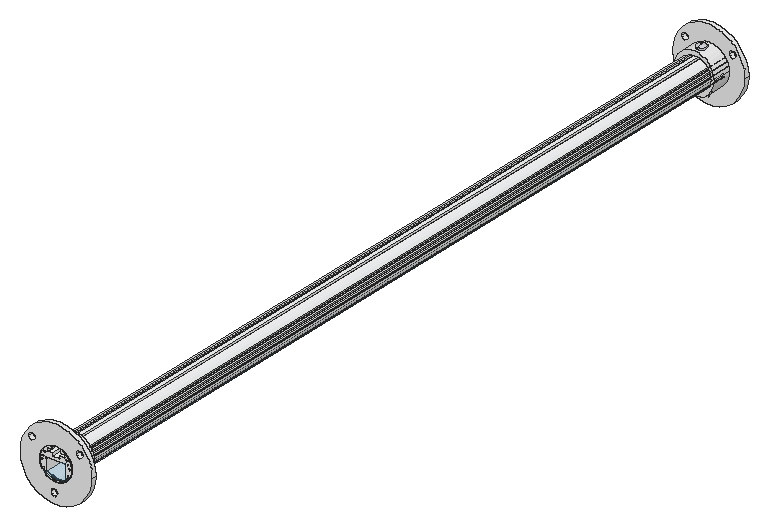
Revit family "LLED-RPM-4RF", category Lighting Fixtures, Revit 2017
Family settings
  Round Connector Dimension = Use Diameter
  Part Type = Normal
  OmniClass Number = 23.80.70.00
  OmniClass Title = Lighting
  Work Plane-Based = No
  Always vertical = Yes
  Cut with Voids When Loaded = No
  Light Source = Yes
  Shared = No
  Room Calculation Point = No
Parameters (values of type "LLED-RPM")
  Wattage = 9.2903 W
  built-in parameter 1150110 = 1 (stored number, unit not read)
  built-in parameter 1114217 = 1 (stored number, unit not read)
  Tilt Angle = 60.00°
  built-in parameter 1150109 = 1 (stored number, unit not read)
  built-in parameter 1150134 = 3
  built-in parameter 1150113 = 1 (stored number, unit not read)
  Photometric Web File = "generic"
  built-in parameter 1150142 = (empty or 0)
  built-in parameter 1150105 = 109.82 (stored number, unit not read)
  Lumens = 1380 lm
  built-in parameter 1150115 = 1 (stored number, unit not read)
  built-in parameter 1150137 = (empty or 0)
  built-in parameter 1150139 = (empty or 0)
  Length = 24.00"
  built-in parameter 1150112 = 1 (stored number, unit not read)
  built-in parameter 1150114 = 1 (stored number, unit not read)
  built-in parameter 1150132 = (empty or 0)
  built-in parameter 1150102 = (empty or 0)
  built-in parameter 1150107 = 3200 (stored number, unit not read)
  built-in parameter 1150138 = (empty or 0)
  built-in parameter 1150106 = 1.0982 (stored number, unit not read)
  Fixture Cap = Fixture Cap
  Fixture = Fixture
  Emit from Line Length = Length  # 24.00"
  built-in parameter 1150104 = 13.8 (stored number, unit not read)
  Dimming Lamp Color Temperature Shift = <None>
  Color Filter = 16777215
  built-in parameter 1114218 = 1 (stored number, unit not read)
  built-in parameter 1150133 = 10 (stored number, unit not read)
Reference planes (in)
  plane 1 "Light Source Axis (F/B)": y = 0
  plane 2: z = 0
  plane 3 "Light Source Axis (L/R)": x = 0
  plane 4 "Light Source Elevation": z = 76
  plane 5: y = 12
  plane 6: y = -12
  plane 7: y = 11.63
  plane 8: y = -11.58
  plane 9: y = -11.35
  plane 10: y = 11.35
  plane 11: y = -11.88
  plane 12: y = 11.88
Forms (in)
  Extrusion 1, solid, material "Fixture" <- "Fixture"
    sketch origin (-0.45172, 0, -75.06115) x (1, 0, 0) y (0, 0, 1)
      loop
        arc (1.35899, 76.5286) -> (1.35168, 76.54256) -> (1.33604, 76.54449) r 0.01698
        arc (1.33604, 76.54449) -> (1.21977, 76.48057) -> (1.12628, 76.38642) r 0.465
        arc (1.12628, 76.38642) -> (1.12301, 76.36779) -> (1.13599, 76.35404) r 0.02108
        line (1.13599, 76.35404) -> (1.21236, 76.32625) -> (1.19992, 76.29208) -> (1.11084, 76.3245)
        arc (1.11084, 76.3245) -> (1.09386, 76.3242) -> (1.08146, 76.31261) r 0.02367
        arc (1.08146, 76.31261) -> (1.07333, 76.29496) -> (1.06594, 76.27699) r 0.465
        arc (1.06594, 76.27699) -> (1.06642, 76.2616) -> (1.07782, 76.25123) r 0.01975
        line (1.07782, 76.25123) -> (1.17241, 76.21621) -> (1.15998, 76.18263) -> (1.06863, 76.21646)
        arc (1.06863, 76.21646) -> (1.05326, 76.21528) -> (1.04414, 76.20287) r 0.01845
        arc (1.04414, 76.20287) -> (1.04052, 76.18308) -> (1.03775, 76.16315) r 0.465
        arc (1.03775, 76.16315) -> (1.04164, 76.14728) -> (1.05495, 76.13782) r 0.02341
        line (1.05495, 76.13782) -> (1.13588, 76.11614) -> (1.12292, 76.08053) -> (1.03465, 76.1037)
        arc (1.03465, 76.1037) -> (1.04893, 75.99472) -> (1.08839, 75.89215) r 0.465
        line (1.08839, 75.89215) -> (1.17659, 75.94307) -> (1.17659, 75.89545)
        arc (1.17659, 75.89545) -> (1.15888, 75.87236) -> (1.16994, 75.84545) r 0.02917
        line (1.16994, 75.84545) -> (1.23676, 75.84545) -> (1.23676, 76.16053)
        arc (1.23676, 76.16053) -> (1.22004, 76.16342) -> (1.20883, 76.17616) r 0.02552
        arc (1.20883, 76.17616) -> (1.2104, 76.19845) -> (1.22892, 76.21096) r 0.02552
        line (1.22892, 76.21096) -> (1.5044, 76.21096) -> (1.77989, 76.21096)
        arc (1.77989, 76.21096) -> (1.79841, 76.19845) -> (1.79998, 76.17616) r 0.02552
        arc (1.79998, 76.17616) -> (1.78877, 76.16342) -> (1.77205, 76.16053) r 0.02552
        line (1.77205, 76.16053) -> (1.77205, 75.85131) -> (1.83496, 75.85131)
        arc (1.83496, 75.85131) -> (1.84623, 75.87604) -> (1.83222, 75.89932) r 0.02917
        line (1.83222, 75.89932) -> (1.83222, 75.94307) -> (1.91306, 75.8964)
        arc (1.91306, 75.8964) -> (1.95058, 75.99582) -> (1.96455, 76.10117) r 0.465
        line (1.96455, 76.10117) -> (1.88589, 76.08053) -> (1.87206, 76.11852) -> (1.9443, 76.13787)
        arc (1.9443, 76.13787) -> (1.95759, 76.14733) -> (1.96147, 76.16317) r 0.02338
        arc (1.96147, 76.16317) -> (1.95829, 76.18567) -> (1.95401, 76.20798) r 0.465
        arc (1.95401, 76.20798) -> (1.94477, 76.22037) -> (1.92937, 76.22156) r 0.01868
        line (1.92937, 76.22156) -> (1.84544, 76.19101) -> (1.83475, 76.22038) -> (1.92137, 76.2519)
        arc (1.92137, 76.2519) -> (1.93261, 76.26232) -> (1.93304, 76.27765) r 0.01978
        arc (1.93304, 76.27765) -> (1.92628, 76.29409) -> (1.9189, 76.31027) r 0.465
        arc (1.9189, 76.31027) -> (1.90698, 76.3215) -> (1.8906, 76.32181) r 0.02276
        line (1.8906, 76.32181) -> (1.80889, 76.29207) -> (1.79617, 76.32703) -> (1.86989, 76.35386)
        arc (1.86989, 76.35386) -> (1.88029, 76.36477) -> (1.87789, 76.37965) r 0.01695
        arc (1.87789, 76.37965) -> (1.78702, 76.47476) -> (1.67315, 76.54062) r 0.465
        arc (1.67315, 76.54062) -> (1.6573, 76.53893) -> (1.64982, 76.52486) r 0.01699
        line (1.64982, 76.52486) -> (1.64982, 76.46394)
        arc (1.64982, 76.46394) -> (1.65559, 76.44999) -> (1.66954, 76.44422) r 0.01972
        line (1.66954, 76.44422) -> (1.74857, 76.44422) -> (1.74857, 76.37688) -> (1.61857, 76.37688) -> (1.61857, 76.3003) -> (1.39024, 76.3003) -> (1.39024, 76.37688) -> (1.26024, 76.37688) -> (1.26024, 76.44422) -> (1.33927, 76.44422)
        arc (1.33927, 76.44422) -> (1.35322, 76.44999) -> (1.35899, 76.46394) r 0.01972
        line (1.35899, 76.46394) -> (1.35899, 76.5286)
    from -12 to 12
  Extrusion 2, solid, material "Fixture Cap" <- "Fixture Cap"
    sketch origin (-0.45562, -0.17192, -75.401) x (1, 0, 0) y (0, 0, -1)
      loop
        circle (1.5044, -76.44721) r 1.05
      loop
        circle (1.46632, -75.69955) r 0.1
      loop
        circle (0.81213, -76.94226) r 0.1
      loop
        circle (2.21213, -76.94226) r 0.1
      loop
        circle (1.5044, -76.44721) r 0.485
    from 12.17192 to 12.05192
  Extrusion 3, solid, material "Fixture Cap" <- "Fixture Cap"
    sketch origin (-0.45562, -0.53262, -75.39867) x (1, 0, 0) y (0, 0, -1)
      loop
        circle (1.5044, -76.44721) r 0.585
      loop
        circle (1.5044, -76.44721) r 0.465
    from 11.88262 to 12.41262
  Extrusion 4, solid, material "Fixture Cap" <- "Fixture Cap"
    sketch origin (-0.45562, 0.17192, -75.401) x (1, 0, 0) y (0, 0, 1)
      loop
        circle (1.5044, 76.44721) r 1.05
      loop
        circle (1.46632, 75.69955) r 0.1
      loop
        circle (0.81213, 76.94226) r 0.1
      loop
        circle (2.21213, 76.94226) r 0.1
      loop
        circle (1.5044, 76.44721) r 0.485
    from 12.17192 to 12.05192
  Extrusion 5, solid, material "Fixture Cap" <- "Fixture Cap"
    sketch origin (-0.45562, 0.53262, -75.39867) x (1, 0, 0) y (0, 0, 1)
      loop
        circle (1.5044, 76.44721) r 0.465
      loop
        circle (1.50478, 76.44705) r 0.585
    from 11.88262 to 12.41262
  Extrusion 6, solid, material "Glass"
    sketch origin (-0.47741, 0, -75.3063) x (1, 0, 0) y (0, 0, 1)
      loop
        line (1.93841, 76.13965) -> (1.88495, 76.17052)
        arc (1.88495, 76.17052) -> (1.87005, 76.16931) -> (1.8659, 76.15495) r 0.01316
        line (1.8659, 76.15495) -> (1.87854, 76.11719)
        arc (1.87854, 76.11719) -> (1.5311, 75.92987) -> (1.17943, 76.10911) r 0.425
        line (1.17943, 76.10911) -> (1.1938, 76.1528)
        arc (1.1938, 76.1528) -> (1.18928, 76.16822) -> (1.17326, 76.1695) r 0.01417
        line (1.17326, 76.1695) -> (1.11575, 76.13629)
        arc (1.11575, 76.13629) -> (1.52809, 75.88984) -> (1.93841, 76.13965) r 0.465
    from -12 to 12
  Revolve 7, solid
    sketch origin (1.05837, -0.09861, -0.00195) x (0, 1, 0) y (0, 0, 1)
      loop
        line (11.82824, 1.63097) -> (11.82824, 1.66311)
        arc (11.82824, 1.66311) -> (11.7815, 1.68969) -> (11.72861, 1.69937) r 0.16062
        line (11.72861, 1.69937) -> (11.72861, 1.66311) -> (11.69615, 1.66311) -> (11.69615, 1.63097) -> (11.82824, 1.63097)
      axis (11.69615, 1.63097) -> (11.69615, 1.69937)
    angle from 0 to 360
  Revolve 8, solid, not visible
    sketch origin (0, 0.0293, -0.00195) x (0, 1, 0) y (0, 0, 1)
      loop
        line (11.82824, 1.63097) -> (11.82824, 1.66311)
        arc (11.82824, 1.66311) -> (11.7815, 1.68969) -> (11.72861, 1.69937) r 0.16062
        line (11.72861, 1.69937) -> (11.72861, 1.66311) -> (11.69615, 1.66311) -> (11.69615, 1.63097) -> (11.82824, 1.63097)
      axis (11.69615, 1.63097) -> (11.69615, 1.69937)
    angle from 0 to 360
  Revolve 9, solid
    sketch origin (1.05837, -0.08368, 0.00007) x (0, 1, 0) y (0, 0, 1)
      loop
        line (-11.66088, 1.63097) -> (-11.52879, 1.63097) -> (-11.52879, 1.66311) -> (-11.56125, 1.66311) -> (-11.56125, 1.69937)
        arc (-11.56125, 1.69937) -> (-11.61414, 1.68969) -> (-11.66088, 1.66311) r 0.16062
        line (-11.66088, 1.66311) -> (-11.66088, 1.63097)
      axis (-11.52879, 1.63097) -> (-11.52879, 1.69937)
    angle from 0 to 360
Dimensions and locks (in)
  equal spacing: plane 5, plane 1 "Light Source Axis (F/B)", plane 6
  "Length": plane 5 to plane 6
  locked: plane 11 to plane 6 at 0.12
  locked: plane 8 to plane 6 at 0.42
  locked: plane 9 to plane 6 at 0.65
  locked: plane 5 to plane 12 at 0.12
  locked: plane 5 to plane 10 at 0.65
  locked: plane 5 to plane 7 at 0.37
  diameter of Extrusion 4 = 2.10"
  diameter of Extrusion 4 = 0.97"
  aligned and locked: level to plane 2
  aligned and locked: plane 7 to Revolve 7
  aligned and locked: plane 8 to Revolve 9
  aligned and locked: plane 6 to Extrusion 4
  aligned and locked: plane 11 to Extrusion 4
  aligned and locked: Extrusion 5 to plane 11
  aligned and locked: plane 9 to Extrusion 5
  aligned and locked: Extrusion 6 to plane 6
  aligned and locked: Extrusion 1 to plane 6
  aligned and locked: plane 5 to Extrusion 1
  aligned and locked: plane 5 to Extrusion 6
  aligned and locked: Extrusion 2 to plane 5
  aligned and locked: plane 12 to Extrusion 2
  aligned and locked: Extrusion 3 to plane 12
  aligned and locked: Extrusion 3 to plane 10
Automatic sketch dimensions
  Extrusion 2 sketch curve to Extrusion 2 sketch curve = 0.00"  (x2)
  plane 3 "Light Source Axis (L/R)" to Extrusion 2 sketch curve = 0.35651"
  level to Extrusion 2 sketch curve = 0.29855"
  plane 3 "Light Source Axis (L/R)" to Extrusion 2 sketch curve = 1.01069"
  Extrusion 2 sketch curve to Extrusion 2 sketch curve = 0.03809"
  Extrusion 2 sketch curve to Extrusion 2 sketch curve = 0.70773"
  Extrusion 2 sketch curve to Extrusion 2 sketch curve = 0.74765"
  Extrusion 2 sketch curve to Extrusion 2 sketch curve = 0.49505"  (x2)
  Extrusion 3 sketch curve to Extrusion 3 sketch curve = 0.00"  (x2)
  plane 3 "Light Source Axis (L/R)" to Extrusion 3 sketch curve = 1.04878"
  level to Extrusion 3 sketch curve = 1.04854"
  Extrusion 4 sketch curve to Extrusion 4 sketch curve = 0.00"  (x2)
  plane 3 "Light Source Axis (L/R)" to Extrusion 4 sketch curve = 0.35651"
  level to Extrusion 4 sketch curve = 0.29855"
  plane 3 "Light Source Axis (L/R)" to Extrusion 4 sketch curve = 1.01069"
  Extrusion 4 sketch curve to Extrusion 4 sketch curve = 0.03809"
  Extrusion 4 sketch curve to Extrusion 4 sketch curve = 0.70773"
  Extrusion 4 sketch curve to Extrusion 4 sketch curve = 0.74765"
  Extrusion 4 sketch curve to Extrusion 4 sketch curve = 0.49505"  (x2)
  Revolve 7 sketch curve to Revolve 7 sketch curve = 0.03042"
  Revolve 7 sketch curve to Revolve 7 sketch curve = 0.03247"
  Revolve 7 sketch curve to Revolve 7 sketch curve = 0.09963"
  Revolve 7 sketch curve to Revolve 7 sketch curve = 0.09222"
  Revolve 7 sketch curve to Revolve 7 sketch curve = 0.03213"
  Revolve 7 sketch curve to Revolve 7 sketch curve = 0.00"
  Revolve 7 sketch curve to Revolve 7 sketch curve = 0.01607"  (x2)
  Revolve 7 sketch curve to Revolve 7 sketch curve = 0.03036"
  Revolve 8 sketch curve to Revolve 8 sketch curve = 0.03042"
  Revolve 8 sketch curve to Revolve 8 sketch curve = 0.03247"
  Revolve 8 sketch curve to Revolve 8 sketch curve = 0.09963"
  Revolve 8 sketch curve to Revolve 8 sketch curve = 0.09222"
  Revolve 8 sketch curve to Revolve 8 sketch curve = 0.03213"
  Revolve 8 sketch curve to Revolve 8 sketch curve = 0.00"
  Revolve 8 sketch curve to Revolve 8 sketch curve = 0.01607"  (x2)
  Revolve 8 sketch curve to Revolve 8 sketch curve = 0.03036"
  Revolve 9 sketch curve to Revolve 9 sketch curve = 0.03042"
  Revolve 9 sketch curve to Revolve 9 sketch curve = 0.03247"
  Revolve 9 sketch curve to Revolve 9 sketch curve = 0.09963"
  Revolve 9 sketch curve to Revolve 9 sketch curve = 0.09222"
  Revolve 9 sketch curve to Revolve 9 sketch curve = 0.03213"
  Revolve 9 sketch curve to Revolve 9 sketch curve = 0.00"
  Revolve 9 sketch curve to Revolve 9 sketch curve = 0.01607"  (x2)
  Revolve 9 sketch curve to Revolve 9 sketch curve = 0.03036"
  plane 3 "Light Source Axis (L/R)" to Extrusion 5 sketch curve = 1.04878"
  Extrusion 5 sketch curve to Extrusion 5 sketch curve = 0.00038"
  level to Extrusion 5 sketch curve = 1.04839"
  Extrusion 5 sketch curve to Extrusion 5 sketch curve = 0.00015"
  Extrusion 1 sketch curve to Extrusion 1 sketch curve = 0.00"  (x36)
  plane 3 "Light Source Axis (L/R)" to Extrusion 1 sketch curve = 0.58293"
  Extrusion 1 sketch curve to Extrusion 1 sketch curve = 0.0203"
  Extrusion 1 sketch curve to Extrusion 1 sketch curve = 0.00606"
  Extrusion 1 sketch curve to Extrusion 1 sketch curve = 0.00121"
  Extrusion 1 sketch curve to Extrusion 1 sketch curve = 0.00641"
  Extrusion 1 sketch curve to Extrusion 1 sketch curve = 0.00919"
  Extrusion 1 sketch curve to Extrusion 1 sketch curve = 0.00655"
  Extrusion 1 sketch curve to Extrusion 1 sketch curve = 0.05374"
  Extrusion 1 sketch curve to Extrusion 1 sketch curve = 0.01838"
  Extrusion 1 sketch curve to Extrusion 1 sketch curve = 0.00809"
  Extrusion 1 sketch curve to Extrusion 1 sketch curve = 0.06797"
  Extrusion 1 sketch curve to Extrusion 1 sketch curve = 0.01296"
  Extrusion 1 sketch curve to Extrusion 1 sketch curve = 0.02516"  (x2)
  Extrusion 1 sketch curve to Extrusion 1 sketch curve = 0.00721"
  Extrusion 1 sketch curve to Extrusion 1 sketch curve = 0.0241"
  Extrusion 1 sketch curve to Extrusion 1 sketch curve = 0.01243"
  Extrusion 1 sketch curve to Extrusion 1 sketch curve = 0.08155"
  Extrusion 1 sketch curve to Extrusion 1 sketch curve = 0.0882"
  Extrusion 1 sketch curve to Extrusion 1 sketch curve = 0.01121"
  Extrusion 1 sketch curve to Extrusion 1 sketch curve = 0.02751"
  Extrusion 1 sketch curve to Extrusion 1 sketch curve = 0.01244"
  Extrusion 1 sketch curve to Extrusion 1 sketch curve = 0.05651"
  Extrusion 1 sketch curve to Extrusion 1 sketch curve = 0.00358"  (x2)
  Extrusion 1 sketch curve to Extrusion 1 sketch curve = 0.04896"
  Extrusion 1 sketch curve to Extrusion 1 sketch curve = 0.04788"
  Extrusion 1 sketch curve to Extrusion 1 sketch curve = 0.07903"  (x2)
  Extrusion 1 sketch curve to Extrusion 1 sketch curve = 0.00274"
  Extrusion 1 sketch curve to Extrusion 1 sketch curve = 0.01972"  (x2)
  Extrusion 1 sketch curve to Extrusion 1 sketch curve = 0.13"
  Extrusion 1 sketch curve to Extrusion 1 sketch curve = 0.10937"
  Extrusion 1 sketch curve to Extrusion 1 sketch curve = 0.00479"
  Extrusion 1 sketch curve to Extrusion 1 sketch curve = 0.11416"
  Extrusion 1 sketch curve to Extrusion 1 sketch curve = 0.03125"
  Extrusion 1 sketch curve to Extrusion 1 sketch curve = 0.01699"
  Extrusion 1 sketch curve to Extrusion 1 sketch curve = 0.27244"
  Extrusion 1 sketch curve to Extrusion 1 sketch curve = 0.00426"
  Extrusion 1 sketch curve to Extrusion 1 sketch curve = 0.0476"
  level to Extrusion 1 sketch curve = 1.23092"
  Extrusion 1 sketch curve to Extrusion 1 sketch curve = 0.01272"
  Extrusion 1 sketch curve to Extrusion 1 sketch curve = 0.04505"
  Extrusion 1 sketch curve to Extrusion 1 sketch curve = 0.01511"
  Extrusion 1 sketch curve to Extrusion 1 sketch curve = 0.05486"
  Extrusion 1 sketch curve to Extrusion 1 sketch curve = 0.01786"
  level to Extrusion 1 sketch curve = 1.12986"
  Extrusion 1 sketch curve to Extrusion 1 sketch curve = 0.01069"
  Extrusion 1 sketch curve to Extrusion 1 sketch curve = 0.06793"
  Extrusion 1 sketch curve to Extrusion 1 sketch curve = 0.0058"
  Extrusion 1 sketch curve to Extrusion 1 sketch curve = 0.02663"
  Extrusion 1 sketch curve to Extrusion 1 sketch curve = 0.01383"
  Extrusion 1 sketch curve to Extrusion 1 sketch curve = 0.02071"
  Extrusion 1 sketch curve to Extrusion 1 sketch curve = 0.00778"
  level to Extrusion 1 sketch curve = 0.83524"
  Extrusion 1 sketch curve to Extrusion 1 sketch curve = 0.08084"
  Extrusion 1 sketch curve to Extrusion 1 sketch curve = 0.01622"
  level to Extrusion 1 sketch curve = 1.19075"
  Extrusion 1 sketch curve to Extrusion 1 sketch curve = 0.00676"
  level to Extrusion 1 sketch curve = 1.16041"
  Extrusion 1 sketch curve to Extrusion 1 sketch curve = 0.00639"
  Extrusion 1 sketch curve to Extrusion 1 sketch curve = 0.00249"
  level to Extrusion 1 sketch curve = 1.07672"
  Extrusion 1 sketch curve to Extrusion 1 sketch curve = 0.00605"
  level to Extrusion 1 sketch curve = 1.04002"
  Extrusion 1 sketch curve to Extrusion 1 sketch curve = 0.02025"
  Extrusion 1 sketch curve to Extrusion 1 sketch curve = 0.21706"
  Extrusion 1 sketch curve to Extrusion 1 sketch curve = 0.00293"
  Extrusion 1 sketch curve to Extrusion 1 sketch curve = 0.0033"
  Extrusion 1 sketch curve to Extrusion 1 sketch curve = 0.02693"
  Extrusion 1 sketch curve to Extrusion 1 sketch curve = 0.02495"
  Extrusion 1 sketch curve to Extrusion 1 sketch curve = 0.04375"
  Extrusion 1 sketch curve to Extrusion 1 sketch curve = 0.04762"
  Extrusion 1 sketch curve to Extrusion 1 sketch curve = 0.02316"
  Extrusion 1 sketch curve to Extrusion 1 sketch curve = 0.02064"
  Extrusion 1 sketch curve to Extrusion 1 sketch curve = 0.03561"
  Extrusion 1 sketch curve to Extrusion 1 sketch curve = 0.03799"
  Extrusion 1 sketch curve to Extrusion 1 sketch curve = 0.03412"
  Extrusion 1 sketch curve to Extrusion 1 sketch curve = 0.02261"
  Extrusion 1 sketch curve to Extrusion 1 sketch curve = 0.02259"
  Extrusion 1 sketch curve to Extrusion 1 sketch curve = 0.03048"
  Extrusion 1 sketch curve to Extrusion 1 sketch curve = 0.0444"
  Extrusion 1 sketch curve to Extrusion 1 sketch curve = 0.0665"
  Extrusion 1 sketch curve to Extrusion 1 sketch curve = 0.03872"
  Extrusion 1 sketch curve to Extrusion 1 sketch curve = 0.01755"
  Extrusion 1 sketch curve to Extrusion 1 sketch curve = 0.03357"
  Extrusion 1 sketch curve to Extrusion 1 sketch curve = 0.01864"
  Extrusion 1 sketch curve to Extrusion 1 sketch curve = 0.01858"
  Extrusion 1 sketch curve to Extrusion 1 sketch curve = 0.07587"
  Extrusion 1 sketch curve to Extrusion 1 sketch curve = 0.08935"
  Extrusion 1 sketch curve to Extrusion 1 sketch curve = 0.02994"
  Extrusion 1 sketch curve to Extrusion 1 sketch curve = 0.03239"
  Extrusion 1 sketch curve to Extrusion 1 sketch curve = 0.02138"
  Extrusion 1 sketch curve to Extrusion 1 sketch curve = 0.02224"
  Extrusion 1 sketch curve to Extrusion 1 sketch curve = 0.01593"
  Extrusion 1 sketch curve to Extrusion 1 sketch curve = 0.01981"
  Extrusion 1 sketch curve to Extrusion 1 sketch curve = 0.07658"
  Extrusion 1 sketch curve to Extrusion 1 sketch curve = 0.05063"
  Extrusion 1 sketch curve to Extrusion 1 sketch curve = 0.06734"  (x2)
  Extrusion 1 sketch curve to Extrusion 1 sketch curve = 0.06092"
  Extrusion 1 sketch curve to Extrusion 1 sketch curve = 0.06466"
  Extrusion 1 sketch curve to Extrusion 1 sketch curve = 0.02367"  (x2)
  Extrusion 6 sketch curve to Extrusion 6 sketch curve = 0.00"  (x2)
  plane 3 "Light Source Axis (L/R)" to Extrusion 6 sketch curve = 0.63833"
  Extrusion 6 sketch curve to Extrusion 6 sketch curve = 0.05751"
  Extrusion 6 sketch curve to Extrusion 6 sketch curve = 0.00617"
  Extrusion 6 sketch curve to Extrusion 6 sketch curve = 0.00708"
  Extrusion 6 sketch curve to Extrusion 6 sketch curve = 0.01346"
  Extrusion 6 sketch curve to Extrusion 6 sketch curve = 0.33239"
  Extrusion 6 sketch curve to Extrusion 6 sketch curve = 0.3397"
  Extrusion 6 sketch curve to Extrusion 6 sketch curve = 0.01248"
  level to Extrusion 6 sketch curve = 0.81089"
  Extrusion 6 sketch curve to Extrusion 6 sketch curve = 0.01264"
  level to Extrusion 6 sketch curve = 0.86422"
  Extrusion 6 sketch curve to Extrusion 6 sketch curve = 0.00658"
  level to Extrusion 6 sketch curve = 0.83336"
  Extrusion 6 sketch curve to Extrusion 6 sketch curve = 0.05346"
  Extrusion 6 sketch curve to Extrusion 6 sketch curve = 0.00808"
  Extrusion 6 sketch curve to Extrusion 6 sketch curve = 0.04369"
  Extrusion 6 sketch curve to Extrusion 6 sketch curve = 0.01557"
  Extrusion 6 sketch curve to Extrusion 6 sketch curve = 0.00443"
  radius of Extrusion 2 sketch curve = 1.05"
  radius of Extrusion 2 sketch curve = 0.10"  (x3)
  radius of Extrusion 2 sketch curve = 0.485"
  radius of Extrusion 3 sketch curve = 0.585"
  radius of Extrusion 3 sketch curve = 0.465"
  radius of Extrusion 4 sketch curve = 1.05"
  radius of Extrusion 4 sketch curve = 0.10"  (x3)
  radius of Extrusion 4 sketch curve = 0.485"
  radius of Extrusion 5 sketch curve = 0.465"
  radius of Extrusion 5 sketch curve = 0.585"
